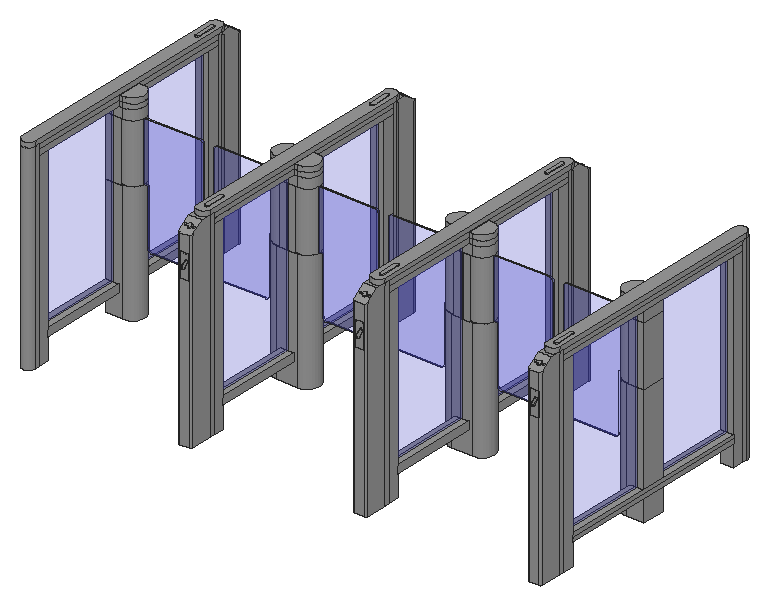
Revit family "ST-11 исправлено", category Generic Models, Revit 2019
Family settings
  Can host rebar = No
  Round Connector Dimension = Use Diameter
  Part Type = Normal
  Work Plane-Based = No
  Always vertical = Yes
  Cut with Voids When Loaded = No
  Shared = No
  Room Calculation Point = No
Parameters (values of type "3 и более проходов")
  Ширина 6в [instance] = Ширина 1 + Ширина 2а + Ширина 3а + Ширина 4а + Ширина 5а + Ширина 6а  # 2631 mm
  Ширина 6а [instance] = if(Количество проходов по факту > 5, Ширина 6, 0 mm)  # 0 mm
  Ширина 6 [instance] = if(or(Тип прохода 6 = Тип1, Тип прохода 6 = Тип2), 877 mm, if(Тип прохода 6 = Тип3, 1127 mm, if(Тип прохода 6 = Тип4, 1227 mm, 0 mm)))  # 877 mm
  Ширина 5а [instance] = if(Количество проходов по факту > 4, Ширина 5, 0 mm)  # 0 mm
  Ширина 5 [instance] = if(or(Тип прохода 5 = Тип1, Тип прохода 5 = Тип2), 877 mm, if(Тип прохода 5 = Тип3, 1127 mm, if(Тип прохода 5 = Тип4, 1227 mm, 0 mm)))  # 877 mm
  Ширина 4а [instance] = if(Количество проходов по факту > 3, Ширина 4, 0 mm)  # 0 mm
  Ширина 4 [instance] = if(or(Тип прохода 4 = Тип1, Тип прохода 4 = Тип2), 877 mm, if(Тип прохода 4 = Тип3, 1127 mm, if(Тип прохода 4 = Тип4, 1227 mm, 0 mm)))  # 877 mm
  Ширина 3а [instance] = if(Количество проходов по факту > 2, Ширина 3, 0 mm)  # 877 mm
  Ширина 3 [instance] = if(or(Тип прохода 3 = Тип1, Тип прохода 3 = Тип2), 877 mm, if(Тип прохода 3 = Тип3, 1127 mm, if(Тип прохода 3 = Тип4, 1227 mm, 0 mm)))  # 877 mm
  Ширина 2а [instance] = if(Количество проходов по факту > 1, Ширина 2, 0 mm)  # 877 mm
  Ширина 2 [instance] = if(or(Тип прохода 2 = Тип1, Тип прохода 2 = Тип2), 877 mm, if(Тип прохода 2 = Тип3, 1127 mm, if(Тип прохода 2 = Тип4, 1227 mm, 0 mm)))  # 877 mm
  Ширина 1 [instance] = if(or(Тип прохода 1 = Тип1, Тип прохода 1 = Тип2), 877 mm, if(Тип прохода 1 = Тип3, 1127 mm, if(Тип прохода 1 = Тип4, 1227 mm, 0 mm)))  # 877 mm
  Тип4 [instance] = Створка для ST-11 : ATG-475
  Тип3 [instance] = Створка для ST-11 : ATG-425
  Тип2 [instance] = Створка для ST-11 : ATG-300H
  Тип1 [instance] = Створка для ST-11 : ATG-300
  Тип прохода 6 [instance] = Створка для ST-11 : ATG-300
  Тип прохода 5 [instance] = Створка для ST-11 : ATG-300
  Тип прохода 4 [instance] = Створка для ST-11 : ATG-300
  Тип прохода 3 [instance] = Створка для ST-11 : ATG-300
  Тип прохода 2 [instance] = Створка для ST-11 : ATG-300
  Тип прохода 1 [instance] = Створка для ST-11 : ATG-300
  Тип панели 7 секция выход [instance] = Панель FP-11C : Панель FP-11C
  Тип панели 6 секция выход [instance] = Панель FP-11C : Панель FP-11C
  Тип панели 6 секция вход [instance] = Панель FP-11C : Панель FP-11C
  Тип панели 5 секция выход [instance] = Панель FP-11C : Панель FP-11C
  Тип панели 5 секция вход [instance] = Панель FP-11C : Панель FP-11C
  Тип панели 4 секция выход [instance] = Панель FP-11C : Панель FP-11C
  Тип панели 4 секция вход [instance] = Панель FP-11C : Панель FP-11C
  Тип панели 3 секция выход [instance] = Панель FP-11C : Панель FP-11C
  Тип панели 3 секция вход [instance] = Панель FP-11C : Панель FP-11C
  Тип панели 2 секция выход [instance] = Панель FP-11C : Панель FP-11C
  Тип панели 2 секция вход [instance] = Панель FP-11C : Панель FP-11C
  Тип панели 1 секция вход [instance] = Панель FP-11C : Панель FP-11C
  Тип 7п выход [instance] = if(Тип панели 7 секция выход = Тип 1п, 1, if(Тип панели 7 секция выход = Тип 2п, 2, if(Тип панели 7 секция выход = Тип 3п, 3, 0)))  # 1
  Тип 6п выход [instance] = if(Тип панели 6 секция выход = Тип 1п, 1, if(Тип панели 6 секция выход = Тип 2п, 2, if(Тип панели 6 секция выход = Тип 3п, 3, 0)))  # 1
  Тип 6п вход [instance] = if(Тип панели 6 секция вход = Тип 1п, 1, if(Тип панели 6 секция вход = Тип 2п, 2, if(Тип панели 6 секция вход = Тип 3п, 3, 0)))  # 1
  Тип 5п выход [instance] = if(Тип панели 5 секция выход = Тип 1п, 1, if(Тип панели 5 секция выход = Тип 2п, 2, if(Тип панели 5 секция выход = Тип 3п, 3, 0)))  # 1
  Тип 5п вход [instance] = if(Тип панели 5 секция вход = Тип 1п, 1, if(Тип панели 5 секция вход = Тип 2п, 2, if(Тип панели 5 секция вход = Тип 3п, 3, 0)))  # 1
  Тип 4п выход [instance] = if(Тип панели 4 секция выход = Тип 1п, 1, if(Тип панели 4 секция выход = Тип 2п, 2, if(Тип панели 4 секция выход = Тип 3п, 3, 0)))  # 1
  Тип 4п вход [instance] = if(Тип панели 4 секция вход = Тип 1п, 1, if(Тип панели 4 секция вход = Тип 2п, 2, if(Тип панели 4 секция вход = Тип 3п, 3, 0)))  # 1
  Тип 3п выход [instance] = if(Тип панели 3 секция выход = Тип 1п, 1, if(Тип панели 3 секция выход = Тип 2п, 2, if(Тип панели 3 секция выход = Тип 3п, 3, 0)))  # 1
  Тип 3п вход [instance] = if(Тип панели 3 секция вход = Тип 1п, 1, if(Тип панели 3 секция вход = Тип 2п, 2, if(Тип панели 3 секция вход = Тип 3п, 3, 0)))  # 1
  Тип 2п выход [instance] = if(Тип панели 2 секция выход = Тип 1п, 1, if(Тип панели 2 секция выход = Тип 2п, 2, if(Тип панели 2 секция выход = Тип 3п, 3, 0)))  # 1
  Тип 2п вход [instance] = if(Тип панели 2 секция вход = Тип 1п, 1, if(Тип панели 2 секция вход = Тип 2п, 2, if(Тип панели 2 секция вход = Тип 3п, 3, 0)))  # 1
  Тип крышки [instance] = Крышка STC-11M : Крышка STC-11M
  Тип кр [instance] = if(Тип крышки = Тип 1кр, 1, if(Тип крышки = Тип 2кр, 2, 0))  # 1
  Тип 3п [instance] = Панель FP-11Q : Панель FP-11Q
  Тип 2п [instance] = Панель FP-11P : Панель FP-11P
  Тип 2кр [instance] = Крышка STC-11S : Крышка STC-11S
  Тип 1п вход [instance] = if(Тип панели 1 секция вход = Тип 1п, 1, if(Тип панели 1 секция вход = Тип 2п, 2, if(Тип панели 1 секция вход = Тип 3п, 3, 0)))  # 1
  Тип 1п [instance] = Панель FP-11C : Панель FP-11C
  Тип 1кр [instance] = Крышка STC-11M : Крышка STC-11M
  Створки 6 [instance] = Тип прохода 6  # Створка для ST-11 : ATG-300
  Створки 5 [instance] = Тип прохода 5  # Створка для ST-11 : ATG-300
  Створки 4 [instance] = Тип прохода 4  # Створка для ST-11 : ATG-300
  Створки 3 [instance] = Тип прохода 3  # Створка для ST-11 : ATG-300
  Створки 2 [instance] = Тип прохода 2  # Створка для ST-11 : ATG-300
  Створки 1 [instance] = Тип прохода 1  # Створка для ST-11 : ATG-300
  Пропускная способность [instance] = if(Количество проходов = 1, " до 60 чел/мин", if(Количество проходов = 2, " до 120 чел/мин", if(Количество проходов = 3, " до 180 чел/мин", if(Количество проходов = 4, " до 240 чел/мин", if(Количество проходов = 5, " до 300 чел/мин", if(Количество проходов = 6, " до 360 чел/мин", "0"))))))  # " до 180 чел/мин"
  Количество проходов тип = 3
  Количество проходов по факту [instance] = if(Количество проходов тип = 1, 1, if(Количество проходов тип = 2, 2, if(Количество проходов < 3, Количество проходов тип, Количество проходов)))  # 3
  Количество проходов [instance] = 3
  В створки 6 [instance] = Количество проходов по факту > 5  # no
  В створки 5 [instance] = Количество проходов по факту > 4  # no
  В створки 4 [instance] = Количество проходов по факту > 3  # no
  В створки 3 [instance] = Количество проходов по факту > 2  # yes
  В створки 2 [instance] = Количество проходов по факту > 1  # yes
  В секция 6 [instance] = Количество проходов по факту > 5  # no
  В секция 5 [instance] = Количество проходов по факту > 4  # no
  В секция 4 [instance] = Количество проходов по факту > 3  # no
  В секция 3 [instance] = Количество проходов по факту > 2  # yes
  В секция 2 [instance] = Количество проходов по факту > 1  # yes
  ADSK_Примечание = ""
  ADSK_Номинальная мощность = 160 W
  ADSK_Напряжение = 24 V
  ADSK_Наименование краткое = "Скоростной проход ST-01"
  ADSK_Наименование = "Турникет \"Скоростной проход\" PERCo-ST-01"
  ADSK_Завод-изготовитель = "PERCo"
  ADSK_URL страницы изделия = "https://www.perco.ru/products/skorostnoy-prokhod-st-11.php"
Types (4, lengths in mm): name | Ширина 6в | Ширина 3а | Ширина 2а | Пропускная способность | Количество проходов тип | Количество проходов по факту | Количество проходов | В створки 3 | В створки 2 | В секция 3 | В секция 2
  (no name) | 2631 | 877 | 877 | " до 180 чел/мин" | 3 | 3 | 3 | yes | yes | yes | yes
  1 проход | 877 | 0 | 0 | " до 60 чел/мин" | 1 | 1 | 1 | no | no | no | no
  2 прохода | 1754 | 0 | 877 | " до 60 чел/мин" | 2 | 2 | 1 | no | yes | no | yes
  3 и более проходов | 2631 | 877 | 877 | " до 180 чел/мин" | 3 | 3 | 3 | yes | yes | yes | yes
Reference planes
  plane 1 "По центру (Вперед/Назад)": y = 0
  plane 2: z = 0
  plane 3 "По центру (Влево/Вправо)": x = 0
  plane 4: x = 877
  plane 5: x = 1754
  plane 6: x = 2631
  plane 7: x = 3508
  plane 8: x = 4385
  plane 9: x = 2631
  plane 10: x = 113.5
  plane 11: x = 763.5
  plane 12: x = 990.5
  plane 13: x = 1640.5
  plane 14: x = 1867.5
  plane 15: x = 2517.5
  plane 16: x = 2744.5
  plane 17: x = 3394.5
  plane 18: x = 3621.5
  plane 19: x = 4271.5
  plane 20: x = 4498.5
  plane 21: x = 2517.5
  plane 22: x = 2631
  plane 23: x = 438.5
Lines and regions (mm)
  model lines
    curve 1: line (0, 0, 0) -> (0, 0, 70)
    curve 2: line (877, 0, 0) -> (877, 0, 70)
    curve 3: line (1754, 0, 0) -> (1754, 0, 70)
    curve 4: line (2631, 0, 0) -> (2631, 0, 70)
    curve 5: line (3508, 0, 0) -> (3508, 0, 70)
    curve 6: line (4385, 0, 0) -> (4385, 0, 70)
    curve 7: line (2631, 0, 0) -> (2631, 0, 70)
Dimensions and locks
  "Ширина 1": plane 3 "По центру (Влево/Вправо)" to plane 4
  "Ширина 2": plane 4 to plane 5
  "Ширина 3": plane 5 to plane 6
  "Ширина 4": plane 6 to plane 7
  "Ширина 5": plane 7 to plane 8
  "Ширина 6в": plane 3 "По центру (Влево/Вправо)" to plane 9
  locked: plane 3 "По центру (Влево/Вправо)" to plane 10 at 113.5
  plane 11 to plane 4 to plane 12 = 113.5 mm locked, 113.5 mm locked
  plane 13 to plane 5 to plane 14 = 113.5 mm locked, 113.5 mm locked
  plane 15 to plane 6 to plane 16 = 113.5 mm locked, 113.5 mm locked
  plane 17 to plane 7 to plane 18 = 113.5 mm locked, 113.5 mm locked
  plane 19 to plane 8 to plane 20 = 113.5 mm locked, 113.5 mm locked
  locked: plane 21 to plane 9 at 113.5
  equal spacing: plane 3 "По центру (Влево/Вправо)", plane 23, plane 4
  aligned and locked: level to plane 2
  aligned and locked: plane 9 to nested 7
  aligned and locked: plane 1 "По центру (Вперед/Назад)" to nested 7
  aligned and locked: plane 8 to nested 6
  aligned and locked: plane 1 "По центру (Вперед/Назад)" to nested 6
  aligned and locked: plane 7 to nested 5
  aligned and locked: plane 1 "По центру (Вперед/Назад)" to nested 5
  aligned and locked: plane 6 to nested 4
  aligned and locked: plane 1 "По центру (Вперед/Назад)" to nested 4
  aligned and locked: plane 5 to nested 3
  aligned and locked: plane 1 "По центру (Вперед/Назад)" to nested 3
  aligned and locked: plane 4 to nested 2
  aligned and locked: plane 1 "По центру (Вперед/Назад)" to nested 2
  aligned and locked: plane 3 "По центру (Влево/Вправо)" to nested 1
  aligned and locked: plane 1 "По центру (Вперед/Назад)" to nested 1
  aligned and locked: nested 8 to plane 10
  aligned and locked: plane 18 to nested 12
  aligned and locked: plane 16 to nested 11
  aligned and locked: plane 14 to nested 10
  aligned and locked: nested 19 to plane 21
  aligned and locked: nested 18 to plane 19
  aligned and locked: nested 17 to plane 17
  aligned and locked: nested 16 to plane 15
  aligned and locked: nested 15 to plane 13
  aligned and locked: nested 14 to plane 11
  aligned and locked: plane 12 to nested 9
  aligned and locked: plane 20 to nested 13
  aligned and locked: plane 3 "По центру (Влево/Вправо)" to curve 1
  aligned and locked: plane 4 to curve 2
  aligned and locked: plane 5 to curve 3
  aligned and locked: plane 6 to curve 4
  aligned and locked: plane 7 to curve 5
  aligned and locked: plane 8 to curve 6
  aligned and locked: plane 9 to curve 7
  aligned and locked: plane 23 to nested 20
Automatic sketch dimensions
  curve 1 to level = 0 mm
  curve 6 to level = 0 mm
  curve 2 to level = 0 mm
  curve 5 to level = 0 mm
  curve 3 to level = 0 mm
  curve 4 to level = 0 mm
  curve 7 to level = 0 mm
  level to curve 2 = 70 mm
  level to curve 5 = 70 mm
  level to curve 1 = 70 mm
  level to curve 6 = 70 mm
  level to curve 4 = 70 mm
  level to curve 3 = 70 mm
  level to curve 7 = 70 mm
Nested families
  nested 1: "Секция Master-ST 11" at (0, 0, 0), Тип <- "Тип кр", Тип п вход <- "Тип 1п вход", type "Секция Master-ST 11"
    with Тип3п none, Тип2п none, Тип2 none, Тип1п none, Тип1 none, Тип панели none, Тип п вход 1, Тип крышки none, Тип 1, Панель yes
  nested 2: "Секция Двусторонняя-ST 11" at (877, 0, 0), visible <- "В секция 2", Тип <- "Тип кр", Тип п вход <- "Тип 2п вход", Тип п выход <- "Тип 2п выход", type "Секция Двусторонняя-ST 11"
    with Тип3п none, Тип2п none, Тип2 none, Тип1п none, Тип1 none, Тип панели выход none, Тип панели вход none, Тип п выход 1, Тип п вход 1, Тип крышки none, Тип 1, Панель выход yes, Панель вход yes
  nested 3: "Секция Двусторонняя-ST 11" at (1754, 0, 0), visible <- "В секция 3", Тип <- "Тип кр", Тип п вход <- "Тип 3п вход", Тип п выход <- "Тип 3п выход", type "Секция Двусторонняя-ST 11"
    with Тип3п none, Тип2п none, Тип2 none, Тип1п none, Тип1 none, Тип панели выход none, Тип панели вход none, Тип п выход 1, Тип п вход 1, Тип крышки none, Тип 1, Панель выход yes, Панель вход yes
  nested 4: "Секция Двусторонняя-ST 11" at (2631, 0, 0), visible <- "В секция 4", Тип <- "Тип кр", Тип п вход <- "Тип 4п вход", Тип п выход <- "Тип 4п выход", type "Секция Двусторонняя-ST 11"
    with Тип3п none, Тип2п none, Тип2 none, Тип1п none, Тип1 none, Тип панели выход none, Тип панели вход none, Тип п выход 1, Тип п вход 1, Тип крышки none, Тип 1, Панель выход yes, Панель вход yes
  nested 5: "Секция Двусторонняя-ST 11" at (3508, 0, 0), visible <- "В секция 5", Тип <- "Тип кр", Тип п вход <- "Тип 5п вход", Тип п выход <- "Тип 5п выход", type "Секция Двусторонняя-ST 11"
    with Тип3п none, Тип2п none, Тип2 none, Тип1п none, Тип1 none, Тип панели выход none, Тип панели вход none, Тип п выход 1, Тип п вход 1, Тип крышки none, Тип 1, Панель выход yes, Панель вход yes
  nested 6: "Секция Двусторонняя-ST 11" at (4385, 0, 0), visible <- "В секция 6", Тип <- "Тип кр", Тип п вход <- "Тип 6п вход", Тип п выход <- "Тип 6п выход", type "Секция Двусторонняя-ST 11"
    with Тип3п none, Тип2п none, Тип2 none, Тип1п none, Тип1 none, Тип панели выход none, Тип панели вход none, Тип п выход 1, Тип п вход 1, Тип крышки none, Тип 1, Панель выход yes, Панель вход yes
  nested 7: "Секция Slave-ST 11" at (2631, 0, 0), Тип <- "Тип кр", Тип п вход <- "Тип 7п выход", type "Секция Slave-ST 11"
    with Тип3п none, Тип2п none, Тип2 none, Тип1п none, Тип1 none, Тип панели none, Тип п вход 1, Тип крышки none, Тип 1, Панель yes
  nested 8: "Створка для ST-11" at (113.5, 0, 0), type <- "Створки 1", type "ATG-300"
    with ADSK_Количество 1
  nested 9: "Створка для ST-11" at (990.5, 0, 0), type <- "Створки 2", visible <- "В створки 2", type "ATG-300"
    with ADSK_Количество 1
  nested 10: "Створка для ST-11" at (1867.5, 0, 0), type <- "Створки 3", visible <- "В створки 3", type "ATG-300"
    with ADSK_Количество 1
  nested 11: "Створка для ST-11" at (2744.5, 0, 0), type <- "Створки 4", visible <- "В створки 4", type "ATG-300"
    with ADSK_Количество 1
  nested 12: "Створка для ST-11" at (3621.5, 0, 0), type <- "Створки 5", visible <- "В створки 5", type "ATG-300"
    with ADSK_Количество 1
  nested 13: "Створка для ST-11" at (4498.5, 0, 0), type <- "Створки 6", visible <- "В створки 6", type "ATG-300"
    with ADSK_Количество 1
  nested 14: "Створка для ST-11" at (763.5, 0, 0) x (-1, 0, 0) z (0, 0, 1), type <- "Створки 1", type "ATG-300"
    with ADSK_Количество 1
  nested 15: "Створка для ST-11" at (1640.5, 0, 0) x (-1, 0, 0) z (0, 0, 1), type <- "Створки 2", visible <- "В створки 2", type "ATG-300"
    with ADSK_Количество 1
  nested 16: "Створка для ST-11" at (2517.5, 0, 0) x (-1, 0, 0) z (0, 0, 1), type <- "Створки 3", visible <- "В створки 3", type "ATG-300"
    with ADSK_Количество 1
  nested 17: "Створка для ST-11" at (3394.5, 0, 0) x (-1, 0, 0) z (0, 0, 1), type <- "Створки 4", visible <- "В створки 4", type "ATG-300"
    with ADSK_Количество 1
  nested 18: "Створка для ST-11" at (4271.5, 0, 0) x (-1, 0, 0) z (0, 0, 1), type <- "Створки 5", visible <- "В створки 5", type "ATG-300"
    with ADSK_Количество 1
  nested 19: "Створка для ST-11" at (2517.5, 0, 0) x (-1, 0, 0) z (0, 0, 1), type <- "Створки 6", visible <- "В створки 6", type "ATG-300"
    with ADSK_Количество 1
  nested 20: "Стрелка" at (438.5, 600, 0), type "Стрелка"
Connectors
  electrical at (0, 0, 0)
    settings: on curve 1, index 1, voltage 24 V, apparent load 160 VA, apparent load phase1 0 VA, apparent load phase2 0 VA, apparent load phase3 0 VA, power factor 1, load classification "Прочее", number of poles 1, system type 30, power factor state 1, is connector primary yes, connector utility no, sub classification motor no, connector description ""
  electrical at (877, 0, 0)
    settings: on curve 2, index 2, voltage 24 V, apparent load 160 VA, apparent load phase1 0 VA, apparent load phase2 0 VA, apparent load phase3 0 VA, power factor 1, load classification "Прочее", number of poles 1, system type 30, power factor state 1, is connector primary no, connector utility no, sub classification motor no, connector description ""
  electrical at (1754, 0, 0)
    settings: on curve 3, index 3, voltage 24 V, apparent load 160 VA, apparent load phase1 0 VA, apparent load phase2 0 VA, apparent load phase3 0 VA, power factor 1, load classification "Прочее", number of poles 1, system type 30, power factor state 1, is connector primary no, connector utility no, sub classification motor no, connector description ""
  electrical at (2631, 0, 0)
    settings: on curve 4, index 4, voltage 24 V, apparent load 160 VA, apparent load phase1 0 VA, apparent load phase2 0 VA, apparent load phase3 0 VA, power factor 1, load classification "Прочее", number of poles 1, system type 30, power factor state 1, is connector primary no, connector utility no, sub classification motor no, connector description ""
  electrical at (3508, 0, 0)
    settings: on curve 5, index 5, voltage 24 V, apparent load 160 VA, apparent load phase1 0 VA, apparent load phase2 0 VA, apparent load phase3 0 VA, power factor 1, load classification "Прочее", number of poles 1, system type 30, power factor state 1, is connector primary no, connector utility no, sub classification motor no, connector description ""
  electrical at (4385, 0, 0)
    settings: on curve 6, index 6, voltage 24 V, apparent load 160 VA, apparent load phase1 0 VA, apparent load phase2 0 VA, apparent load phase3 0 VA, power factor 1, load classification "Прочее", number of poles 1, system type 30, power factor state 1, is connector primary no, connector utility no, sub classification motor no, connector description ""
  electrical at (2631, 0, 0)
    settings: on curve 7, index 7, voltage 24 V, apparent load 160 VA, apparent load phase1 0 VA, apparent load phase2 0 VA, apparent load phase3 0 VA, power factor 1, load classification "Прочее", number of poles 1, system type 30, power factor state 1, is connector primary no, connector utility no, sub classification motor no, connector description ""
Definition of nested family "Секция Master-ST 11"
  Parameters (values of type "Секция Master-ST 11")
    Тип3п [instance] = Панель FP-11Q : Панель FP-11Q
    Тип2п [instance] = Панель FP-11P : Панель FP-11P
    Тип2 [instance] = Крышка STC-11S : Master
    Тип1п [instance] = Панель FP-11C : Панель FP-11C
    Тип1 [instance] = Крышка STC-11M : Master
    Тип панели [instance] = if(Тип п вход = 1, Тип1п, if(Тип п вход = 2, Тип2п, if(Тип п вход = 3, Тип3п, Тип1п)))  # Панель FP-11C : Панель FP-11C
    Тип п вход [instance] = 1
    Тип крышки [instance] = if(Тип = 1, Тип1, if(Тип = 2, Тип2, Тип1))  # Крышка STC-11M : Master
    Тип [instance] = 1
    Температура использования = "от +1°С до +50°С"
    Пропускная способность = "до 60 чел / мин"
    Подключение к электросети = "220 В"
    Панель [instance] = not(Тип п вход = 0)  # yes
    Габаритные размеры = "1236×944×1022 мм при створках ATG-300"
    ADSK_Ток = "6,5 А"
    ADSK_Номинальная мощность = "160 Вт"
    ADSK_Напряжение = "24 В постоянного тока"
    ADSK_Наименование краткое = "Скоростной проход ST-11"
    ADSK_Наименование = "Турникет \"Скоростной проход\" PERCo-ST-11"
    ADSK_Материал наименование = "Секции – нержавеющая сталь. \r\nПанель заполнения – закаленное стекло толщиной 8 мм.\r\nВерхние крышки – искусственный камень или нержавеющая сталь."
    ADSK_Масса_Текст = "от 136 кг"
    ADSK_Количество = 1
    ADSK_Завод-изготовитель = "PERCo"
    ADSK_Единица измерения = "шт"
    ADSK_URL страницы изделия = "https://www.perco.ru/products/skorostnoy-prokhod-st-11.php"
  Reference planes
    plane 1 "По центру (Вперед/Назад)": y = 0
    plane 2: z = 0
    plane 3 "По центру (Влево/Вправо)": x = 0
  Forms (mm)
    Extrusion 1, solid
      sketch origin (0, 0, 0) x (1, 0, 0) y (0, 1, 0)
        loop
          line (-33.5, 564.5) -> (33.5, 564.5) -> (33.5, 584.5)
          arc (33.5, 584.5) -> (0, 618) -> (-33.5, 584.5) r 33.5
          line (-33.5, 584.5) -> (-33.5, 564.5)
        loop
          line (-33.5, -564.5) -> (-33.5, -584.5)
          arc (-33.5, -584.5) -> (0, -618) -> (33.5, -584.5) r 33.5
          line (33.5, -584.5) -> (33.5, -564.5) -> (-33.5, -564.5)
      from 0 to 1000
    Extrusion 2, solid
      sketch origin (0, 0, 0) x (1, 0, 0) y (0, 1, 0)
        loop
          line (-33.5, 564.5) -> (-33.5, -564.5) -> (33.5, -564.5) -> (33.5, 564.5) -> (-33.5, 564.5)
      from 975 to 1000
    Extrusion 3, solid
      sketch origin (0, 0, 0) x (1, 0, 0) y (0, 1, 0)
        loop
          line (-33.5, 564.5) -> (-33.5, -564.5) -> (33.5, -564.5) -> (33.5, 564.5) -> (-33.5, 564.5)
      from 950 to 975
    Extrusion 4, solid
      sketch origin (0, 0, 0) x (1, 0, 0) y (0, 1, 0)
        loop
          line (-33.5, 564.5) -> (-33.5, 504.513) -> (33.5, 504.513) -> (33.5, 564.5) -> (-33.5, 564.5)
        loop
          line (-33.5, -504.513) -> (-33.5, -564.5) -> (33.5, -564.5) -> (33.5, -504.513) -> (-33.5, -504.513)
      from 0 to 950
    Extrusion 5, solid
      sketch origin (0, 0, 0) x (1, 0, 0) y (0, 1, 0)
        loop
          line (-33.5, 504.513) -> (-33.5, -504.513) -> (33.5, -504.513) -> (33.5, 504.513) -> (-33.5, 504.513)
      from 130 to 150
    Extrusion 6, solid
      sketch origin (0, 0, 0) x (1, 0, 0) y (0, 1, 0)
        loop
          line (-33.5, 504.513) -> (-33.5, -504.513) -> (33.5, -504.513) -> (33.5, 504.513) -> (-33.5, 504.513)
      from 110 to 130
    Extrusion 7, solid
      sketch origin (-26.5, 0, 0) x (1, 0, 0) y (0, 1, 0)
        loop
          arc (80, -60) -> (140, 0) -> (80, 60) r 60
          line (80, 60) -> (-7, 60) -> (-7, -60) -> (80, -60)
      from 0 to 600
    Extrusion 8, solid
      sketch origin (-21.5, 0, 0) x (1, 0, 0) y (0, 1, 0)
        loop
          circle (80, 0) r 55
      from 601 to 899
    Extrusion 9, solid
      sketch origin (-26.5, 0, 0) x (1, 0, 0) y (0, 1, 0)
        loop
          arc (80, -60) -> (140, 0) -> (80, 60) r 60
          line (80, 60) -> (-7, 60) -> (-7, -60) -> (80, -60)
      from 900 to 950
    Extrusion 10, solid
      sketch origin (-15, 0, 0) x (1, 0, 0) y (0, 1, 0)
        loop
          arc (15, 0) -> (25.917, 36.056) -> (55, 60) r 65
          line (55, 60) -> (-18.5, 60) -> (-18.5, -60) -> (55, -60)
          arc (55, -60) -> (25.917, -36.056) -> (15, 0) r 65
      from 600 to 900
    Extrusion 11, solid
      sketch origin (-26.5, 0, 0) x (1, 0, 0) y (0, 1, 0)
        loop
          line (80, 60) -> (60, 60) -> (60, -60) -> (80, -60)
          arc (80, -60) -> (140, 0) -> (80, 60) r 60
      from 975 to 1000
    Extrusion 12, solid
      sketch origin (-26.5, 0, 0) x (1, 0, 0) y (0, 1, 0)
        loop
          line (80, 60) -> (60, 60) -> (60, -60) -> (80, -60)
          arc (80, -60) -> (140, 0) -> (80, 60) r 60
      from 950 to 975
    Extrusion 13, solid
      sketch origin (0, 0, 0) x (0, 1, 0) y (0, 0, 1)
        loop
          line (504.513, 950) -> (60, 950) -> (60, 150) -> (504.513, 150) -> (504.513, 950)
        loop
          line (-60, 150) -> (-60, 950) -> (-504.513, 950) -> (-504.513, 150) -> (-60, 150)
      from -5 to 5
  Cuts and joins
    joined: Extrusion 5, Extrusion 6, Extrusion 7
  Dimensions and locks
    aligned and locked: level to plane 2
  Nested families
    nested 1: "Крышка STC-11M" at (0, 0, 1000), type <- "Тип крышки", type "Master"
    nested 2: "Панель FP-11C" at (0, 564.5, 0), type <- "Тип панели", visible <- "Панель", type "Панель FP-11C"
  Definition of nested family "Крышка STC-11M"
    Parameters (values of type "Slave")
      Низ = yes
      Верх = no
    Types (3, lengths in mm): name | Низ | Верх
      Master | no | yes
      Двусторонняя | yes | yes
      Slave | yes | no
    Reference planes
      plane 1 "По центру (Вперед/Назад)": y = 0
      plane 2: z = 0
      plane 3 "По центру (Влево/Вправо)": x = 0
    Forms (mm)
      Extrusion 1, solid
        sketch origin (0, 0, 0) x (1, 0, 0) y (0, 1, 0)
          loop
            arc (-33.5, -584.5) -> (0, -618) -> (33.5, -584.5) r 33.5
            line (33.5, -584.5) -> (33.5, 584.5)
            arc (33.5, 584.5) -> (0, 618) -> (-33.5, 584.5) r 33.5
            line (-33.5, 584.5) -> (-33.5, -584.5)
        from 0 to 22
      Extrusion 2, solid, visible <- "Низ"
        sketch origin (0, 274.425, 0) x (1, 0, 0) y (0, 1, 0)
          loop
            arc (-10, -837.425) -> (0, -847.425) -> (10, -837.425) r 10
            line (10, -837.425) -> (10, -747.425)
            arc (10, -747.425) -> (0, -737.425) -> (-10, -747.425) r 10
            line (-10, -747.425) -> (-10, -837.425)
        from 22 to 23
      Extrusion 3, solid, visible <- "Верх"
        sketch origin (0, -274.425, 0) x (1, 0, 0) y (0, 1, 0)
          loop
            line (-10, 837.425) -> (-10, 747.425)
            arc (-10, 747.425) -> (0, 737.425) -> (10, 747.425) r 10
            line (10, 747.425) -> (10, 837.425)
            arc (10, 837.425) -> (0, 847.425) -> (-10, 837.425) r 10
        from 22 to 23
    Dimensions and locks
      aligned and locked: level to plane 2
  Definition of nested family "Панель FP-11C"
    Reference planes
      plane 1 "По центру (Вперед/Назад)": y = 0
      plane 2: z = 0
      plane 3 "По центру (Влево/Вправо)": x = 0
    Forms (mm)
      Extrusion 1, solid
        sketch origin (0, -840, 0) x (1, 0, 0) y (0, 1, 0)
          loop
            line (33.5, 840) -> (33.5, 968)
            arc (33.5, 968) -> (30.571, 975.071) -> (23.5, 978) r 10
            line (23.5, 978) -> (-23.5, 978)
            arc (-23.5, 978) -> (-30.571, 975.071) -> (-33.5, 968) r 10
            line (-33.5, 968) -> (-33.5, 840) -> (33.5, 840)
        from 0 to 1000
      Extrusion 2, void
        sketch origin (0, -840, 0) x (0, 1, 0) y (0, 0, 1)
          loop
            line (910, 1000) -> (978, 952.386) -> (978, 1000) -> (910, 1000)
        from -60 to 60
      Extrusion 3, solid
        sketch origin (-28.755, 81.88, 991.681) x (0, 0.819152, -0.573576) y (-1, 0, 0)
          loop
            arc (30.949, -8.529) -> (27.224, -4.804) -> (23.499, -8.529) r 3.725
            line (23.499, -8.529) -> (23.499, -20.514)
            arc (23.499, -20.514) -> (17.224, -29.794) -> (23.499, -39.074) r 10
            line (23.499, -39.074) -> (23.499, -51.059)
            arc (23.499, -51.059) -> (27.224, -54.784) -> (30.949, -51.059) r 3.725
            line (30.949, -51.059) -> (30.949, -39.074)
            arc (30.949, -39.074) -> (37.224, -29.794) -> (30.949, -20.514) r 10
            line (30.949, -20.514) -> (30.949, -8.529)
        from 0 to 1
      Extrusion 4, solid
        sketch origin (0, -752, 15) x (1, 0, 0) y (0, 0, 1)
          loop
            line (0, 855) -> (-20, 855) -> (-20, 735) -> (20, 735) -> (20, 855) -> (0, 855)
          loop
            line (13.684, 792.199) -> (-3.921, 825.309) -> (-17.166, 818.267) -> (0.44, 785.157) -> (-2.871, 783.396) -> (13.356, 776.84) -> (16.995, 793.959) -> (13.684, 792.199)
        from -891 to -890
      Extrusion 5, solid
        sketch origin (0, -752, 15) x (1, 0, 0) y (0, 0, 1)
          loop
            line (-10.544, 821.788) -> (-17.166, 818.267) -> (0.44, 785.157) -> (-2.871, 783.396) -> (13.356, 776.84) -> (16.995, 793.959) -> (13.684, 792.199) -> (-3.921, 825.309) -> (-10.544, 821.788)
        from -891 to -890
    Cuts and joins
      Extrusion 2 cuts Extrusion 1
    Dimensions and locks
      aligned and locked: level to plane 2
Definition of nested family "Секция Двусторонняя-ST 11"
  Parameters (values of type "Секция Двусторонняя-ST 11")
    Тип3п [instance] = Панель FP-11Q : Панель FP-11Q
    Тип2п [instance] = Панель FP-11P : Панель FP-11P
    Тип2 [instance] = Крышка STC-11S : Двусторонняя
    Тип1п [instance] = Панель FP-11C : Панель FP-11C
    Тип1 [instance] = Крышка STC-11M : Двусторонняя
    Тип панели выход [instance] = if(Тип п выход = 1, Тип1п, if(Тип п выход = 2, Тип2п, if(Тип п выход = 3, Тип3п, Тип1п)))  # Панель FP-11C : Панель FP-11C
    Тип панели вход [instance] = if(Тип п вход = 1, Тип1п, if(Тип п вход = 2, Тип2п, if(Тип п вход = 3, Тип3п, Тип1п)))  # Панель FP-11C : Панель FP-11C
    Тип п выход [instance] = 1
    Тип п вход [instance] = 1
    Тип крышки [instance] = if(Тип = 1, Тип1, if(Тип = 2, Тип2, Тип1))  # Крышка STC-11M : Двусторонняя
    Тип [instance] = 1
    Температура использования = "от +1°С до +50°С"
    Пропускная способность = "до 60 чел / мин"
    Подключение к электросети = "220 В"
    Панель выход [instance] = not(Тип п выход = 0)  # yes
    Панель вход [instance] = not(Тип п вход = 0)  # yes
    Габаритные размеры = "1236×944×1022 мм при створках ATG-300"
    ADSK_Ток = "6,5 А"
    ADSK_Номинальная мощность = "160 Вт"
    ADSK_Напряжение = "24 В постоянного тока"
    ADSK_Наименование краткое = "Скоростной проход ST-11"
    ADSK_Наименование = "Турникет \"Скоростной проход\" PERCo-ST-11"
    ADSK_Материал наименование = "Секции – нержавеющая сталь. \r\nПанель заполнения – закаленное стекло толщиной 8 мм.\r\nРаспашные створки – закаленное стекло толщиной 10 мм.\r\nВерхние крышки – искусственный камень или нержавеющая сталь."
    ADSK_Масса_Текст = "от 136 кг"
    ADSK_Количество = 1
    ADSK_Завод-изготовитель = "PERCo"
    ADSK_Единица измерения = "шт"
    ADSK_URL страницы изделия = "https://www.perco.ru/products/skorostnoy-prokhod-st-11.php"
  Reference planes
    plane 1 "По центру (Вперед/Назад)": y = 0
    plane 2: z = 0
    plane 3 "По центру (Влево/Вправо)": x = 0
  Forms (mm)
    Extrusion 1, solid
      sketch origin (0, 0, 0) x (1, 0, 0) y (0, 1, 0)
        loop
          line (-33.5, 564.5) -> (33.5, 564.5) -> (33.5, 584.5)
          arc (33.5, 584.5) -> (0, 618) -> (-33.5, 584.5) r 33.5
          line (-33.5, 584.5) -> (-33.5, 564.5)
        loop
          line (-33.5, -564.5) -> (-33.5, -584.5)
          arc (-33.5, -584.5) -> (0, -618) -> (33.5, -584.5) r 33.5
          line (33.5, -584.5) -> (33.5, -564.5) -> (-33.5, -564.5)
      from 0 to 1000
    Extrusion 2, solid
      sketch origin (0, 0, 0) x (1, 0, 0) y (0, 1, 0)
        loop
          line (-33.5, 564.5) -> (-33.5, -564.5) -> (33.5, -564.5) -> (33.5, 564.5) -> (-33.5, 564.5)
      from 975 to 1000
    Extrusion 3, solid
      sketch origin (0, 0, 0) x (1, 0, 0) y (0, 1, 0)
        loop
          line (-33.5, 564.5) -> (-33.5, -564.5) -> (33.5, -564.5) -> (33.5, 564.5) -> (-33.5, 564.5)
      from 950 to 975
    Extrusion 4, solid
      sketch origin (0, 0, 0) x (1, 0, 0) y (0, 1, 0)
        loop
          line (-33.5, 564.5) -> (-33.5, 504.513) -> (33.5, 504.513) -> (33.5, 564.5) -> (-33.5, 564.5)
        loop
          line (-33.5, -564.5) -> (33.5, -564.5) -> (33.5, -504.513) -> (-33.5, -504.513) -> (-33.5, -564.5)
      from 0 to 950
    Extrusion 5, solid
      sketch origin (0, 0, 0) x (1, 0, 0) y (0, 1, 0)
        loop
          line (-33.5, 504.513) -> (-33.5, -504.513) -> (33.5, -504.513) -> (33.5, 504.513) -> (-33.5, 504.513)
      from 130 to 150
    Extrusion 6, solid
      sketch origin (0, 0, 0) x (1, 0, 0) y (0, 1, 0)
        loop
          line (-33.5, 504.513) -> (-33.5, -504.513) -> (33.5, -504.513) -> (33.5, 504.513) -> (-33.5, 504.513)
      from 110 to 130
    Extrusion 7, solid
      sketch origin (0, 0, 0) x (0, 1, 0) y (0, 0, 1)
        loop
          line (504.513, 950) -> (60, 950) -> (60, 150) -> (504.513, 150) -> (504.513, 950)
        loop
          line (-60, 150) -> (-60, 950) -> (-504.513, 950) -> (-504.513, 150) -> (-60, 150)
      from -5 to 5
    Extrusion 8, solid
      sketch origin (26.5, 0, 0) x (-1, 0, 0) y (0, -1, 0)
        loop
          line (80, 60) -> (-27, 60)
          arc (-27, 60) -> (-87, 0) -> (-27, -60) r 60
          line (-27, -60) -> (80, -60)
          arc (80, -60) -> (140, 0) -> (80, 60) r 60
      from 0 to 600
    Extrusion 9, solid
      sketch origin (21.5, 0, 0) x (-1, 0, 0) y (0, -1, 0)
        loop
          circle (80, 0) r 55
      from 601 to 899
    Extrusion 10, solid
      sketch origin (26.5, 0, 0) x (-1, 0, 0) y (0, -1, 0)
        loop
          line (80, 60) -> (-27, 60)
          arc (-27, 60) -> (-87, 0) -> (-27, -60) r 60
          line (-27, -60) -> (80, -60)
          arc (80, -60) -> (140, 0) -> (80, 60) r 60
      from 900 to 950
    Extrusion 11, solid
      sketch origin (15, 0, 0) x (-1, 0, 0) y (0, -1, 0)
        loop
          arc (15, 0) -> (25.917, 36.056) -> (55, 60) r 65
          line (55, 60) -> (14, 60) -> (14, -60) -> (55, -60)
          arc (55, -60) -> (25.917, -36.056) -> (15, 0) r 65
      from 600 to 900
    Extrusion 12, solid
      sketch origin (26.5, 0, 0) x (-1, 0, 0) y (0, -1, 0)
        loop
          arc (80, -60) -> (140, 0) -> (80, 60) r 60
          line (80, 60) -> (60, 60) -> (60, -60) -> (80, -60)
      from 975 to 1000
    Extrusion 13, solid
      sketch origin (26.5, 0, 0) x (-1, 0, 0) y (0, -1, 0)
        loop
          arc (80, -60) -> (140, 0) -> (80, 60) r 60
          line (80, 60) -> (60, 60) -> (60, -60) -> (80, -60)
      from 950 to 975
    Extrusion 14, solid
      sketch origin (-15, 0, 0) x (1, 0, 0) y (0, 1, 0)
        loop
          arc (15, 0) -> (25.917, 36.056) -> (55, 60) r 65
          line (55, 60) -> (14, 60) -> (14, -60) -> (55, -60)
          arc (55, -60) -> (25.917, -36.056) -> (15, 0) r 65
      from 600 to 900
    Extrusion 15, solid
      sketch origin (-21.5, 0, 0) x (1, 0, 0) y (0, 1, 0)
        loop
          circle (80, 0) r 55
      from 601 to 899
    Extrusion 16, solid
      sketch origin (-26.5, 0, 0) x (1, 0, 0) y (0, 1, 0)
        loop
          line (80, 60) -> (60, 60) -> (60, -60) -> (80, -60)
          arc (80, -60) -> (140, 0) -> (80, 60) r 60
      from 975 to 1000
    Extrusion 17, solid
      sketch origin (-26.5, 0, 0) x (1, 0, 0) y (0, 1, 0)
        loop
          line (80, 60) -> (60, 60) -> (60, -60) -> (80, -60)
          arc (80, -60) -> (140, 0) -> (80, 60) r 60
      from 950 to 975
  Cuts and joins
    joined: Extrusion 5, Extrusion 6, Extrusion 8
  Dimensions and locks
    aligned and locked: level to plane 2
  Nested families
    nested 1: "Крышка STC-11M" at (0, 0, 1000), type <- "Тип крышки", type "Двусторонняя"
    nested 2: "Панель FP-11C" at (0, -564.5, 0) x (-1, 0, 0) z (0, 0, 1), type <- "Тип панели выход", visible <- "Панель выход", type "Панель FP-11C"
    nested 3: "Панель FP-11C" at (0, 564.5, 0), type <- "Тип панели вход", visible <- "Панель вход", type "Панель FP-11C"
  Definition of nested family "Крышка STC-11M"
    Parameters (values of type "Slave")
      Низ = yes
      Верх = no
    Types (3, lengths in mm): name | Низ | Верх
      Master | no | yes
      Двусторонняя | yes | yes
      Slave | yes | no
    Reference planes
      plane 1 "По центру (Вперед/Назад)": y = 0
      plane 2: z = 0
      plane 3 "По центру (Влево/Вправо)": x = 0
    Forms (mm)
      Extrusion 1, solid
        sketch origin (0, 0, 0) x (1, 0, 0) y (0, 1, 0)
          loop
            arc (-33.5, -584.5) -> (0, -618) -> (33.5, -584.5) r 33.5
            line (33.5, -584.5) -> (33.5, 584.5)
            arc (33.5, 584.5) -> (0, 618) -> (-33.5, 584.5) r 33.5
            line (-33.5, 584.5) -> (-33.5, -584.5)
        from 0 to 22
      Extrusion 2, solid, visible <- "Низ"
        sketch origin (0, 274.425, 0) x (1, 0, 0) y (0, 1, 0)
          loop
            arc (-10, -837.425) -> (0, -847.425) -> (10, -837.425) r 10
            line (10, -837.425) -> (10, -747.425)
            arc (10, -747.425) -> (0, -737.425) -> (-10, -747.425) r 10
            line (-10, -747.425) -> (-10, -837.425)
        from 22 to 23
      Extrusion 3, solid, visible <- "Верх"
        sketch origin (0, -274.425, 0) x (1, 0, 0) y (0, 1, 0)
          loop
            line (-10, 837.425) -> (-10, 747.425)
            arc (-10, 747.425) -> (0, 737.425) -> (10, 747.425) r 10
            line (10, 747.425) -> (10, 837.425)
            arc (10, 837.425) -> (0, 847.425) -> (-10, 837.425) r 10
        from 22 to 23
    Dimensions and locks
      aligned and locked: level to plane 2
  Definition of nested family "Панель FP-11C"
    Reference planes
      plane 1 "По центру (Вперед/Назад)": y = 0
      plane 2: z = 0
      plane 3 "По центру (Влево/Вправо)": x = 0
    Forms (mm)
      Extrusion 1, solid
        sketch origin (0, -840, 0) x (1, 0, 0) y (0, 1, 0)
          loop
            line (33.5, 840) -> (33.5, 968)
            arc (33.5, 968) -> (30.571, 975.071) -> (23.5, 978) r 10
            line (23.5, 978) -> (-23.5, 978)
            arc (-23.5, 978) -> (-30.571, 975.071) -> (-33.5, 968) r 10
            line (-33.5, 968) -> (-33.5, 840) -> (33.5, 840)
        from 0 to 1000
      Extrusion 2, void
        sketch origin (0, -840, 0) x (0, 1, 0) y (0, 0, 1)
          loop
            line (910, 1000) -> (978, 952.386) -> (978, 1000) -> (910, 1000)
        from -60 to 60
      Extrusion 3, solid
        sketch origin (-28.755, 81.88, 991.681) x (0, 0.819152, -0.573576) y (-1, 0, 0)
          loop
            arc (30.949, -8.529) -> (27.224, -4.804) -> (23.499, -8.529) r 3.725
            line (23.499, -8.529) -> (23.499, -20.514)
            arc (23.499, -20.514) -> (17.224, -29.794) -> (23.499, -39.074) r 10
            line (23.499, -39.074) -> (23.499, -51.059)
            arc (23.499, -51.059) -> (27.224, -54.784) -> (30.949, -51.059) r 3.725
            line (30.949, -51.059) -> (30.949, -39.074)
            arc (30.949, -39.074) -> (37.224, -29.794) -> (30.949, -20.514) r 10
            line (30.949, -20.514) -> (30.949, -8.529)
        from 0 to 1
      Extrusion 4, solid
        sketch origin (0, -752, 15) x (1, 0, 0) y (0, 0, 1)
          loop
            line (0, 855) -> (-20, 855) -> (-20, 735) -> (20, 735) -> (20, 855) -> (0, 855)
          loop
            line (13.684, 792.199) -> (-3.921, 825.309) -> (-17.166, 818.267) -> (0.44, 785.157) -> (-2.871, 783.396) -> (13.356, 776.84) -> (16.995, 793.959) -> (13.684, 792.199)
        from -891 to -890
      Extrusion 5, solid
        sketch origin (0, -752, 15) x (1, 0, 0) y (0, 0, 1)
          loop
            line (-10.544, 821.788) -> (-17.166, 818.267) -> (0.44, 785.157) -> (-2.871, 783.396) -> (13.356, 776.84) -> (16.995, 793.959) -> (13.684, 792.199) -> (-3.921, 825.309) -> (-10.544, 821.788)
        from -891 to -890
    Cuts and joins
      Extrusion 2 cuts Extrusion 1
    Dimensions and locks
      aligned and locked: level to plane 2
Definition of nested family "Секция Slave-ST 11"
  Parameters (values of type "Секция Slave-ST 11")
    Тип п вход [instance] = 1
    Тип3п [instance] = Панель FP-11Q : Панель FP-11Q
    Тип2п [instance] = Панель FP-11P : Панель FP-11P
    Тип2 [instance] = Крышка STC-11S : Master
    Тип1п [instance] = Панель FP-11C : Панель FP-11C
    Тип1 [instance] = Крышка STC-11M : Slave
    Тип панели [instance] = if(Тип п вход = 1, Тип1п, if(Тип п вход = 2, Тип2п, if(Тип п вход = 3, Тип3п, Тип1п)))  # Панель FP-11C : Панель FP-11C
    Тип крышки [instance] = if(Тип = 1, Тип1, if(Тип = 2, Тип2, Тип1))  # Крышка STC-11M : Slave
    Тип [instance] = 1
    Температура использования = "от +1°С до +50°С"
    Пропускная способность = "до 60 чел / мин"
    Подключение к электросети = "220 В"
    Панель [instance] = not(Тип п вход = 0)  # yes
    Габаритные размеры = "1236×944×1022 мм при створках ATG-300"
    ADSK_Ток = "6,5 А"
    ADSK_Номинальная мощность = "160 Вт"
    ADSK_Напряжение = "24 В постоянного тока"
    ADSK_Наименование краткое = "Скоростной проход ST-11"
    ADSK_Наименование = "Турникет \"Скоростной проход\" PERCo-ST-11"
    ADSK_Материал наименование = "Секции – нержавеющая сталь. \r\nПанель заполнения – закаленное стекло толщиной 8 мм.\r\nВерхние крышки – искусственный камень или нержавеющая сталь."
    ADSK_Масса_Текст = "от 136"
    ADSK_Количество = 1
    ADSK_Завод-изготовитель = "PERCo"
    ADSK_Единица измерения = "шт"
    ADSK_URL страницы изделия = "https://www.perco.ru/products/skorostnoy-prokhod-st-11.php"
  Reference planes
    plane 1 "По центру (Вперед/Назад)": y = 0
    plane 2: z = 0
    plane 3 "По центру (Влево/Вправо)": x = 0
  Forms (mm)
    Extrusion 1, solid
      sketch origin (0, 0, 0) x (1, 0, 0) y (0, 1, 0)
        loop
          line (-33.5, 564.5) -> (33.5, 564.5) -> (33.5, 584.5)
          arc (33.5, 584.5) -> (0, 618) -> (-33.5, 584.5) r 33.5
          line (-33.5, 584.5) -> (-33.5, 564.5)
        loop
          line (-33.5, -564.5) -> (-33.5, -584.5)
          arc (-33.5, -584.5) -> (0, -618) -> (33.5, -584.5) r 33.5
          line (33.5, -584.5) -> (33.5, -564.5) -> (-33.5, -564.5)
      from 0 to 1000
    Extrusion 2, solid
      sketch origin (0, 0, 0) x (1, 0, 0) y (0, 1, 0)
        loop
          line (-33.5, 564.5) -> (-33.5, -564.5) -> (33.5, -564.5) -> (33.5, 564.5) -> (-33.5, 564.5)
      from 975 to 1000
    Extrusion 3, solid
      sketch origin (0, 0, 0) x (1, 0, 0) y (0, 1, 0)
        loop
          line (-33.5, 564.5) -> (-33.5, -564.5) -> (33.5, -564.5) -> (33.5, 564.5) -> (-33.5, 564.5)
      from 950 to 975
    Extrusion 4, solid
      sketch origin (0, 0, 0) x (1, 0, 0) y (0, 1, 0)
        loop
          line (-33.5, 564.5) -> (-33.5, 504.513) -> (33.5, 504.513) -> (33.5, 564.5) -> (-33.5, 564.5)
        loop
          line (-33.5, -564.5) -> (33.5, -564.5) -> (33.5, -504.513) -> (-33.5, -504.513) -> (-33.5, -564.5)
      from 0 to 950
    Extrusion 5, solid
      sketch origin (0, 0, 0) x (1, 0, 0) y (0, 1, 0)
        loop
          line (-33.5, 504.513) -> (-33.5, -504.513) -> (33.5, -504.513) -> (33.5, 504.513) -> (-33.5, 504.513)
      from 130 to 150
    Extrusion 6, solid
      sketch origin (0, 0, 0) x (1, 0, 0) y (0, 1, 0)
        loop
          line (-33.5, 504.513) -> (-33.5, -504.513) -> (33.5, -504.513) -> (33.5, 504.513) -> (-33.5, 504.513)
      from 110 to 130
    Extrusion 7, solid
      sketch origin (0, 0, 0) x (0, 1, 0) y (0, 0, 1)
        loop
          line (504.513, 950) -> (60, 950) -> (60, 150) -> (504.513, 150) -> (504.513, 950)
        loop
          line (-60, 150) -> (-60, 950) -> (-504.513, 950) -> (-504.513, 150) -> (-60, 150)
      from -5 to 5
    Extrusion 8, solid
      sketch origin (26.5, 0, 0) x (-1, 0, 0) y (0, -1, 0)
        loop
          line (80, 60) -> (-7, 60) -> (-7, -60) -> (80, -60)
          arc (80, -60) -> (140, 0) -> (80, 60) r 60
      from 0 to 600
    Extrusion 9, solid
      sketch origin (21.5, 0, 0) x (-1, 0, 0) y (0, -1, 0)
        loop
          circle (80, 0) r 55
      from 601 to 899
    Extrusion 10, solid
      sketch origin (26.5, 0, 0) x (-1, 0, 0) y (0, -1, 0)
        loop
          line (80, 60) -> (-7, 60) -> (-7, -60) -> (80, -60)
          arc (80, -60) -> (140, 0) -> (80, 60) r 60
      from 900 to 950
    Extrusion 11, solid
      sketch origin (15, 0, 0) x (-1, 0, 0) y (0, -1, 0)
        loop
          arc (15, 0) -> (25.917, 36.056) -> (55, 60) r 65
          line (55, 60) -> (-18.5, 60) -> (-18.5, -60) -> (55, -60)
          arc (55, -60) -> (25.917, -36.056) -> (15, 0) r 65
      from 600 to 900
    Extrusion 12, solid
      sketch origin (26.5, 0, 0) x (-1, 0, 0) y (0, -1, 0)
        loop
          arc (80, -60) -> (140, 0) -> (80, 60) r 60
          line (80, 60) -> (60, 60) -> (60, -60) -> (80, -60)
      from 975 to 1000
    Extrusion 13, solid
      sketch origin (26.5, 0, 0) x (-1, 0, 0) y (0, -1, 0)
        loop
          arc (80, -60) -> (140, 0) -> (80, 60) r 60
          line (80, 60) -> (60, 60) -> (60, -60) -> (80, -60)
      from 950 to 975
  Dimensions and locks
    aligned and locked: level to plane 2
  Nested families
    nested 1: "Крышка STC-11M" at (0, 0, 1000), type <- "Тип крышки", type "Slave"
    nested 2: "Панель FP-11C" at (0, -564.5, 0) x (-1, 0, 0) z (0, 0, 1), type <- "Тип панели", visible <- "Панель", type "Панель FP-11C"
  Definition of nested family "Крышка STC-11M"
    Parameters (values of type "Slave")
      Низ = yes
      Верх = no
    Types (3, lengths in mm): name | Низ | Верх
      Master | no | yes
      Двусторонняя | yes | yes
      Slave | yes | no
    Reference planes
      plane 1 "По центру (Вперед/Назад)": y = 0
      plane 2: z = 0
      plane 3 "По центру (Влево/Вправо)": x = 0
    Forms (mm)
      Extrusion 1, solid
        sketch origin (0, 0, 0) x (1, 0, 0) y (0, 1, 0)
          loop
            arc (-33.5, -584.5) -> (0, -618) -> (33.5, -584.5) r 33.5
            line (33.5, -584.5) -> (33.5, 584.5)
            arc (33.5, 584.5) -> (0, 618) -> (-33.5, 584.5) r 33.5
            line (-33.5, 584.5) -> (-33.5, -584.5)
        from 0 to 22
      Extrusion 2, solid, visible <- "Низ"
        sketch origin (0, 274.425, 0) x (1, 0, 0) y (0, 1, 0)
          loop
            arc (-10, -837.425) -> (0, -847.425) -> (10, -837.425) r 10
            line (10, -837.425) -> (10, -747.425)
            arc (10, -747.425) -> (0, -737.425) -> (-10, -747.425) r 10
            line (-10, -747.425) -> (-10, -837.425)
        from 22 to 23
      Extrusion 3, solid, visible <- "Верх"
        sketch origin (0, -274.425, 0) x (1, 0, 0) y (0, 1, 0)
          loop
            line (-10, 837.425) -> (-10, 747.425)
            arc (-10, 747.425) -> (0, 737.425) -> (10, 747.425) r 10
            line (10, 747.425) -> (10, 837.425)
            arc (10, 837.425) -> (0, 847.425) -> (-10, 837.425) r 10
        from 22 to 23
    Dimensions and locks
      aligned and locked: level to plane 2
  Definition of nested family "Панель FP-11C"
    Reference planes
      plane 1 "По центру (Вперед/Назад)": y = 0
      plane 2: z = 0
      plane 3 "По центру (Влево/Вправо)": x = 0
    Forms (mm)
      Extrusion 1, solid
        sketch origin (0, -840, 0) x (1, 0, 0) y (0, 1, 0)
          loop
            line (33.5, 840) -> (33.5, 968)
            arc (33.5, 968) -> (30.571, 975.071) -> (23.5, 978) r 10
            line (23.5, 978) -> (-23.5, 978)
            arc (-23.5, 978) -> (-30.571, 975.071) -> (-33.5, 968) r 10
            line (-33.5, 968) -> (-33.5, 840) -> (33.5, 840)
        from 0 to 1000
      Extrusion 2, void
        sketch origin (0, -840, 0) x (0, 1, 0) y (0, 0, 1)
          loop
            line (910, 1000) -> (978, 952.386) -> (978, 1000) -> (910, 1000)
        from -60 to 60
      Extrusion 3, solid
        sketch origin (-28.755, 81.88, 991.681) x (0, 0.819152, -0.573576) y (-1, 0, 0)
          loop
            arc (30.949, -8.529) -> (27.224, -4.804) -> (23.499, -8.529) r 3.725
            line (23.499, -8.529) -> (23.499, -20.514)
            arc (23.499, -20.514) -> (17.224, -29.794) -> (23.499, -39.074) r 10
            line (23.499, -39.074) -> (23.499, -51.059)
            arc (23.499, -51.059) -> (27.224, -54.784) -> (30.949, -51.059) r 3.725
            line (30.949, -51.059) -> (30.949, -39.074)
            arc (30.949, -39.074) -> (37.224, -29.794) -> (30.949, -20.514) r 10
            line (30.949, -20.514) -> (30.949, -8.529)
        from 0 to 1
      Extrusion 4, solid
        sketch origin (0, -752, 15) x (1, 0, 0) y (0, 0, 1)
          loop
            line (0, 855) -> (-20, 855) -> (-20, 735) -> (20, 735) -> (20, 855) -> (0, 855)
          loop
            line (13.684, 792.199) -> (-3.921, 825.309) -> (-17.166, 818.267) -> (0.44, 785.157) -> (-2.871, 783.396) -> (13.356, 776.84) -> (16.995, 793.959) -> (13.684, 792.199)
        from -891 to -890
      Extrusion 5, solid
        sketch origin (0, -752, 15) x (1, 0, 0) y (0, 0, 1)
          loop
            line (-10.544, 821.788) -> (-17.166, 818.267) -> (0.44, 785.157) -> (-2.871, 783.396) -> (13.356, 776.84) -> (16.995, 793.959) -> (13.684, 792.199) -> (-3.921, 825.309) -> (-10.544, 821.788)
        from -891 to -890
    Cuts and joins
      Extrusion 2 cuts Extrusion 1
    Dimensions and locks
      aligned and locked: level to plane 2
Definition of nested family "Створка для ST-11"
  Parameters (values of type "ATG-575")
    Ширина = 575 mm
    Высота = 600 mm
    ADSK_Примечание = ""
    ADSK_Наименование = "Турникет \"Скоростной проход\" PERCo-ST-01"
    ADSK_Материал наименование = "Распашные створки – закаленное стекло толщиной 10 мм."
    ADSK_Масса_Текст = ""
    ADSK_Марка = "ATG-575"
    ADSK_Количество = 0.5
    ADSK_Завод-изготовитель = "PERCo"
    ADSK_Единица измерения = "шт"
  Types (6, lengths in mm): name | Ширина | Высота
    ATG-300 | 300 | 600
    ATG-300H | 300 | 985
    ATG-425 | 425 | 600
    ATG-425H | 425 | 985
    ATG-475 | 475 | 600
    ATG-575 | 575 | 600
  Reference planes
    plane 1 "По центру (Вперед/Назад)": y = 0
    plane 2: z = 0
    plane 3 "По центру (Влево/Вправо)": x = 0
    plane 4: x = 575
    plane 5: z = 900
    plane 6: z = 300
    plane 7: x = 20
  Forms (mm)
    Extrusion 1, solid
      sketch origin (-135, 0, 0) x (1, 0, 0) y (0, 0, 1)
        loop
          line (140, 900) -> (140, 898.971) -> (135, 898.971) -> (135, 600) -> (155, 600) -> (155, 320)
          arc (155, 320) -> (160.858, 305.858) -> (175, 300) r 20
          line (175, 300) -> (690, 300)
          arc (690, 300) -> (704.142, 305.858) -> (710, 320) r 20
          line (710, 320) -> (710, 880)
          arc (710, 880) -> (704.142, 894.142) -> (690, 900) r 20
          line (690, 900) -> (140, 900)
      from 5 to -5
  Dimensions and locks
    "Ширина": plane 4 to plane 3 "По центру (Влево/Вправо)"
    "Высота": plane 5 to plane 6
    locked: plane 7 to plane 3 "По центру (Влево/Вправо)" at 20
    locked: plane 6 to level at 300
    aligned and locked: level to plane 2
    aligned and locked: Extrusion 1 to plane 4
    aligned and locked: plane 5 to Extrusion 1
    aligned and locked: plane 6 to Extrusion 1
    aligned and locked: Extrusion 1 to plane 7
  Automatic sketch dimensions
    Extrusion 1 sketch curve to plane 3 "По центру (Влево/Вправо)" = 0 mm
    Extrusion 1 sketch curve to plane 5 = 0 mm
    Extrusion 1 sketch curve to plane 7 = 0 mm
    Extrusion 1 sketch curve to plane 6 = 0 mm
    plane 4 to Extrusion 1 sketch curve = 0 mm
    plane 3 "По центру (Влево/Вправо)" to Extrusion 1 sketch curve = 5 mm
    plane 7 to Extrusion 1 sketch curve = 20 mm
    Extrusion 1 sketch curve to Extrusion 1 sketch curve = 20 mm
    plane 4 to Extrusion 1 sketch curve = 20 mm
    Extrusion 1 sketch curve to Extrusion 1 sketch curve = 280 mm
    Extrusion 1 sketch curve to plane 5 = 1.029 mm
Definition of nested family "Стрелка"
  Parameters (values of type "Стрелка")
    Height = 0 mm
  Reference planes
    plane 1 "По центру (Вперед/Назад)": y = 0
    plane 2: z = 0
    plane 3 "По центру (Влево/Вправо)": x = 0
  Lines and regions (mm)
    model lines
      curve 1: line (-259.808, 225, 0) -> (259.808, 225, 0)
      curve 2: line (0, -225, 0) -> (-259.808, 225, 0)
      curve 3: line (0, -225, 0) -> (259.808, 225, 0)
  Dimensions and locks
    aligned and locked: level to plane 2
